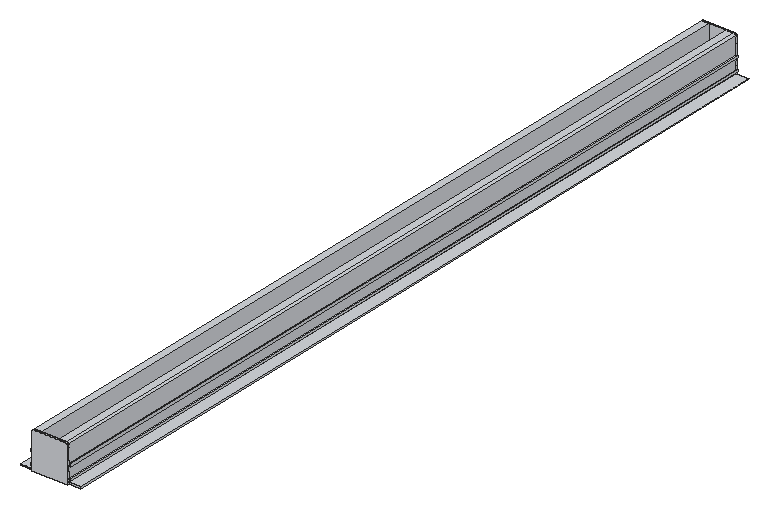
Revit family "PJS-100 1 Slot", category Air Terminals, Revit 2016
Family settings
  Part Type = Normal
  Round Connector Dimension = Use Diameter
  Work Plane-Based = No
  Always vertical = Yes
  Cut with Voids When Loaded = No
  Shared = No
  Room Calculation Point = No
Parameters
  URL = "http://www.anemostat.com/"
  Model = "PJS-100"
  Manufacturer = "Anemostat"
  Length User Defined = 48"
  Duct Width = 2 5/16"
  Duct Length = Length User Defined + 1/4"  # 48 1/4"
  C = 3 1/2"
Reference planes (in)
  plane 1 "Center (Front/Back)": y = 0
  plane 2: z = 0
  plane 3 "Center (Left/Right)": x = 0
  plane 4: x = -1.75
  plane 5: x = 1.75
  plane 6 "Length": y = -48
  plane 7: y = -24
  plane 8: z = 2.053
  plane 9: x = -0.55
  plane 10: x = 0.55
Forms (in)
  Extrusion 1, solid
    sketch origin (0, 0, 0) x (1, 0, 0) y (0, 0, 1)
      loop
        line (-1.75, 0) -> (-1.75, -0.081) -> (-0.5, -0.081) -> (-0.5, 0) -> (0.5, 0) -> (0.5, -0.08) -> (1.75, -0.08) -> (1.75, 0) -> (1.025, 0) -> (1.025, 0.122) -> (1.145, 0.122) -> (1.145, 0.234) -> (1.095, 0.234) -> (1.095, 0.172) -> (1.025, 0.172) -> (1.025, 0.927) -> (1.095, 0.927) -> (1.095, 0.865) -> (1.145, 0.865) -> (1.145, 0.97597) -> (1.025, 0.97597) -> (1.025, 1.96218) -> (0.93418, 2.053) -> (-0.93418, 2.053) -> (-1.02398, 1.9632) -> (-1.02398, 0.977) -> (-1.145, 0.977) -> (-1.145, 0.865) -> (-1.095, 0.865) -> (-1.095, 0.927) -> (-1.02398, 0.927) -> (-1.02398, 0.172) -> (-1.095, 0.172) -> (-1.095, 0.234) -> (-1.145, 0.234) -> (-1.145, 0.12078) -> (-1.02398, 0.12078) -> (-1.02398, 0) -> (-1.75, 0)
    from 0 to 48 <- "Length User Defined"
  Extrusion 2, solid
    sketch origin (0, 0, 0) x (1, 0, 0) y (0, 0, 1)
      loop
        line (-1.02398, -0.081) -> (1.025, -0.081) -> (1.025, 1.96218) -> (0.93418, 2.053) -> (-0.93418, 2.053) -> (-1.02398, 1.9632) -> (-1.02398, -0.081)
    from 0 to -0.0625
  Extrusion 3, solid
    sketch origin (0, -48, 0) x (0, 0, 1) y (-1, 0, 0)
      loop
        line (-0.081, -1.025) -> (1.96218, -1.025) -> (2.053, -0.93418) -> (2.053, 0.93418) -> (1.9632, 1.02398) -> (-0.081, 1.02398) -> (-0.081, -1.025)
    from 0 to 0.0625
  Extrusion 4, void
    sketch origin (0, 0, 0) x (1, 0, 0) y (0, 0, 1)
      loop
        line (-0.5, 0) -> (0.5, 0) -> (0.5, 2.053) -> (-0.5, 2.053) -> (-0.5, 0)
    from 0 to 48 <- "Length User Defined"
Cuts and joins
  Extrusion 4 cuts Extrusion 1
  Extrusion 4 cuts Extrusion 2
  Extrusion 4 cuts Extrusion 3
Dimensions and locks (in)
  equal spacing: plane 5, plane 3 "Center (Left/Right)", plane 4
  "C": plane 5 to plane 4
  "Length User Defined": plane 1 "Center (Front/Back)" to plane 6 "Length"
  equal spacing: plane 1 "Center (Front/Back)", plane 7, plane 6 "Length"
  locked: plane 5 to plane 10 at 1.2
  locked: plane 9 to plane 4 at 1.2
Automatic sketch dimensions
  Extrusion 2 sketch curve to plane 8 = 0"
  Extrusion 2 sketch curve to level = 0.081"
  Extrusion 2 sketch curve to plane 9 = 0.47398"
  Extrusion 2 sketch curve to Extrusion 2 sketch curve = 0.0898"
  plane 10 to Extrusion 2 sketch curve = 0.38418"
  plane 10 to Extrusion 2 sketch curve = 0.475"
  Extrusion 2 sketch curve to plane 8 = 0.09082"
  Extrusion 2 sketch curve to plane 8 = 0.0898"
  Extrusion 4 sketch curve to plane 8 = 0"
  Extrusion 4 sketch curve to level = 0"
  plane 9 to Extrusion 4 sketch curve = 0.05"
  Extrusion 4 sketch curve to plane 10 = 0.05"
  Extrusion 1 sketch curve to level = 0"  (x3)
  Extrusion 1 sketch curve to plane 4 = 0"
  Extrusion 1 sketch curve to plane 8 = 0"
  Extrusion 1 sketch curve to plane 5 = 0"
  Extrusion 1 sketch curve to plane 9 = 0.595"  (x2)
  level to Extrusion 1 sketch curve = 0.12078"
  Extrusion 1 sketch curve to Extrusion 1 sketch curve = 0.05"  (x6)
  Extrusion 1 sketch curve to Extrusion 1 sketch curve = 0.07102"  (x2)
  Extrusion 1 sketch curve to Extrusion 1 sketch curve = 0"  (x2)
  Extrusion 1 sketch curve to Extrusion 1 sketch curve = 0.0898"
  plane 9 to Extrusion 1 sketch curve = 0.05"
  Extrusion 1 sketch curve to plane 10 = 0.05"
  plane 10 to Extrusion 1 sketch curve = 0.38418"
  plane 10 to Extrusion 1 sketch curve = 0.475"  (x2)
  level to Extrusion 1 sketch curve = 0.122"
  Extrusion 1 sketch curve to Extrusion 1 sketch curve = 0.07"  (x2)
  Extrusion 1 sketch curve to Extrusion 1 sketch curve = 0.05122"
  Extrusion 1 sketch curve to Extrusion 1 sketch curve = 0.062"  (x4)
  Extrusion 1 sketch curve to Extrusion 1 sketch curve = 0.631"  (x2)
  Extrusion 1 sketch curve to Extrusion 1 sketch curve = 0.04897"
  Extrusion 1 sketch curve to plane 8 = 0.09082"
  Extrusion 1 sketch curve to plane 8 = 0.0898"
  Extrusion 3 sketch curve to plane 8 = 0"
  Extrusion 3 sketch curve to plane 8 = 0.0898"
  Extrusion 3 sketch curve to plane 8 = 0.09082"
  plane 10 to Extrusion 3 sketch curve = 0.475"
  Extrusion 3 sketch curve to Extrusion 3 sketch curve = 0.09082"
  Extrusion 3 sketch curve to plane 9 = 0.38418"
  Extrusion 3 sketch curve to plane 9 = 0.47398"
  Extrusion 1 sketch curve to level = 0.08"
  Extrusion 1 sketch curve to level = 0.081"
  Extrusion 3 sketch curve to level = 0.081"
Connectors (in)
  hvac at (0, -24, 2.053), driven by "Duct Width", driven by "Duct Length"
    settings: on Extrusion 1, index 1, duct flow 0 CFM, flow factor 0, pres drop 0.00 in-wg, loss coef 0, conn angle 0.00°, conn width 2 5/16", conn height 48 1/4", conn diameter 24", duct sys type 1, conn prof type 1, flow config 0, flow direction 0, loss method 0, conn ref index -1, conn util no, is conn primary yes, conn desc ""
